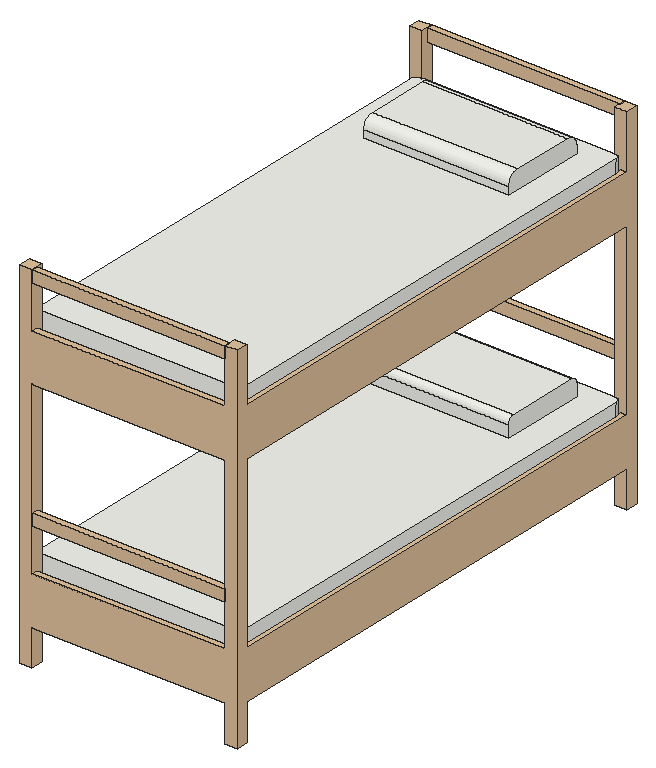
Revit family
Parameters (values of type "2100mm x 915mm x 1500mm")
  Cadre = Bois - Bouleau
  Hauteur = 1500 mm
  Longueur = 2100 mm
  Matelas = Textile - Blanc
  Largeur = 915 mm
Reference planes
  plane 1 "Centre (avant/arrière)": y = -390.993
  plane 2: z = 0
  plane 3 "Centre (gauche/droite)": x = 408.482
  plane 4: y = 659.007
  plane 5: y = -1440.993
  plane 6: x = 865.982
  plane 7: x = -49.018
  plane 8: z = 355.6
  plane 9: z = 1500
  plane 10: y = 523.407
  plane 11: y = 167.807
Forms (mm)
  Extrusion 1, solid, material "Bois - Bouleau" <- "Cadre"
    sketch origin (0, 0, 0) x (1, 0, 0) y (0, 1, 0)
      loop
        line (-49.018, 659.007) -> (-49.018, 608.207) -> (1.782, 608.207) -> (1.782, 659.007) -> (-49.018, 659.007)
      loop
        line (865.982, 659.007) -> (815.182, 659.007) -> (815.182, 608.207) -> (865.982, 608.207) -> (865.982, 659.007)
      loop
        line (-49.018, -1440.993) -> (1.782, -1440.993) -> (1.782, -1390.193) -> (-49.018, -1390.193) -> (-49.018, -1440.993)
      loop
        line (865.982, -1440.993) -> (865.982, -1390.193) -> (815.182, -1390.193) -> (815.182, -1440.993) -> (865.982, -1440.993)
    from 0 to 1500
  Extrusion 2, solid, material "Bois - Bouleau" <- "Cadre"
    sketch origin (0, 0, 0) x (1, 0, 0) y (0, 1, 0)
      loop
        line (-49.018, 659.007) -> (-49.018, -1440.993) -> (865.982, -1440.993) -> (865.982, 659.007) -> (-49.018, 659.007)
      loop
        line (-23.618, 633.607) -> (-23.618, -1415.593) -> (840.582, -1415.593) -> (840.582, 633.607) -> (-23.618, 633.607)
    from 152.4 to 355.6
  Extrusion 3, solid, material "Bois - Bouleau" <- "Cadre"
    sketch origin (0, 0, 0) x (1, 0, 0) y (0, 1, 0)
      loop
        line (-49.018, 659.007) -> (-49.018, -1440.993) -> (865.982, -1440.993) -> (865.982, 659.007) -> (-49.018, 659.007)
      loop
        line (-23.618, -1415.593) -> (840.582, -1415.593) -> (840.582, 633.607) -> (-23.618, 633.607) -> (-23.618, -1415.593)
    from 1068.2 to 1271.4
  Extrusion 4, solid, material "Textile - Blanc" <- "Matelas"
    sketch origin (0, 0, 0) x (1, 0, 0) y (0, 1, 0)
      loop
        arc (1.782, 608.207) -> (-16.179, 600.767) -> (-23.618, 582.807) r 25.4
        line (-23.618, 582.807) -> (-23.618, -1364.793)
        arc (-23.618, -1364.793) -> (-16.179, -1382.754) -> (1.782, -1390.193) r 25.4
        line (1.782, -1390.193) -> (815.182, -1390.193)
        arc (815.182, -1390.193) -> (833.142, -1382.754) -> (840.582, -1364.793) r 25.4
        line (840.582, -1364.793) -> (840.582, 582.807)
        arc (840.582, 582.807) -> (833.142, 600.767) -> (815.182, 608.207) r 25.4
        line (815.182, 608.207) -> (1.782, 608.207)
    from 203.2 to 406.4
  Extrusion 5, solid, material "Textile - Blanc" <- "Matelas"
    sketch origin (0, 0, 1271.4) x (1, 0, 0) y (0, 1, 0)
      loop
        arc (1.782, 608.207) -> (-16.179, 600.767) -> (-23.618, 582.807) r 25.4
        line (-23.618, 582.807) -> (-23.618, -1364.793)
        arc (-23.618, -1364.793) -> (-16.179, -1382.754) -> (1.782, -1390.193) r 25.4
        line (1.782, -1390.193) -> (815.182, -1390.193)
        arc (815.182, -1390.193) -> (833.142, -1382.754) -> (840.582, -1364.793) r 25.4
        line (840.582, -1364.793) -> (840.582, 582.807)
        arc (840.582, 582.807) -> (833.142, 600.767) -> (815.182, 608.207) r 25.4
        line (815.182, 608.207) -> (1.782, 608.207)
    from -152.4 to 50.8
  Extrusion 6, solid, material "Bois - Bouleau" <- "Cadre"
    sketch origin (0, 0, 1500) x (1, 0, 0) y (0, 1, 0)
      loop
        line (1.782, 659.007) -> (1.782, 633.607) -> (815.182, 633.607) -> (815.182, 659.007) -> (1.782, 659.007)
      loop
        line (1.782, -1440.993) -> (815.182, -1440.993) -> (815.182, -1415.593) -> (1.782, -1415.593) -> (1.782, -1440.993)
    from -50.8 to 0
  Extrusion 7, solid, material "Bois - Bouleau" <- "Cadre"
    sketch origin (0, 0, 355.6) x (0, -1, 0) y (1, 0, 0)
      loop
        line (1440.993, 1.782) -> (1440.993, 815.182) -> (1415.593, 815.182) -> (1415.593, 1.782) -> (1440.993, 1.782)
      loop
        line (-659.007, 1.782) -> (-633.607, 1.782) -> (-633.607, 815.182) -> (-659.007, 815.182) -> (-659.007, 1.782)
    from 177.8 to 228.6
  Sweep 8, solid, material "Textile - Blanc" <- "Matelas"
    path origin (0, 0, 0) x (1, 0, 0) y (0, 1, 0)
      loop
        line (103.382, 532.007) -> (713.582, 532.007)
    profile origin (408.482, 0, 0) x (0, 1, 0) y (0, 0, 1)
      loop
        line (176.407, 406.4) -> (532.007, 406.4) -> (532.007, 457.2)
        arc (532.007, 457.2) -> (524.567, 475.161) -> (506.607, 482.6) r 25.4
        line (506.607, 482.6) -> (201.807, 482.6)
        arc (201.807, 482.6) -> (183.846, 475.161) -> (176.407, 457.2) r 25.4
        line (176.407, 457.2) -> (176.407, 406.4)
      loop
        line (176.407, 1322.2) -> (532.007, 1322.2) -> (532.007, 1352.44)
        arc (532.007, 1352.44) -> (518.545, 1384.939) -> (486.047, 1398.4) r 45.96
        line (486.047, 1398.4) -> (222.367, 1398.4)
        arc (222.367, 1398.4) -> (189.868, 1384.939) -> (176.407, 1352.44) r 45.96
        line (176.407, 1352.44) -> (176.407, 1322.2)
Cuts and joins
  joined: Extrusion 1, Extrusion 2, Extrusion 3
Dimensions and locks
  equal spacing: plane 7, plane 3 "Centre (gauche/droite)", plane 6
  equal spacing: plane 5, plane 1 "Centre (avant/arrière)", plane 4
  "Largeur": plane 7 to plane 6
  "Longueur": plane 5 to plane 4
  "Hauteur": plane 2 to plane 9
  locked: Extrusion 5 to plane 9 at 177.8
  locked: Extrusion 3 to plane 9 at 228.6
  locked: Extrusion 3 to Extrusion 3 at 203.2
  locked: Extrusion 5 sketch curve to Extrusion 5 sketch curve at 25.4  (x2)
  locked: Sweep 8 sketch curve to Extrusion 4 at 76.2
  locked: Sweep 8 sketch curve to Sweep 8 sketch curve at 76.2
  locked: plane 10 to plane 4 at 135.6
  aligned and locked: Extrusion 1 to plane 9
  aligned and locked: Extrusion 4 to Sweep 8 sketch curve
  aligned and locked: Extrusion 5 to Sweep 8 sketch curve
Automatic sketch dimensions
  Extrusion 1 sketch curve to plane 5 = 0 mm  (x2)
  Extrusion 1 sketch curve to plane 7 = 0 mm  (x2)
  Extrusion 1 sketch curve to plane 4 = 0 mm  (x2)
  Extrusion 1 sketch curve to plane 6 = 0 mm  (x2)
  Extrusion 1 sketch curve to plane 7 = 50.8 mm
  Extrusion 1 sketch curve to Extrusion 1 sketch curve = 50.8 mm  (x7)
  Extrusion 2 sketch curve to plane 4 = 0 mm
  Extrusion 2 sketch curve to plane 7 = 0 mm
  Extrusion 2 sketch curve to plane 5 = 0 mm
  Extrusion 2 sketch curve to plane 6 = 0 mm
  Extrusion 2 sketch curve to Extrusion 2 sketch curve = 25.4 mm  (x2)
  Extrusion 2 sketch curve to plane 5 = 25.4 mm
  plane 4 to Extrusion 2 sketch curve = 25.4 mm
  Extrusion 3 sketch curve to plane 4 = 0 mm
  Extrusion 3 sketch curve to plane 7 = 0 mm
  Extrusion 3 sketch curve to plane 5 = 0 mm
  Extrusion 3 sketch curve to plane 6 = 0 mm
  Extrusion 3 sketch curve to Extrusion 3 sketch curve = 25.4 mm  (x2)
  Extrusion 3 sketch curve to plane 5 = 25.4 mm
  plane 4 to Extrusion 3 sketch curve = 25.4 mm
  Extrusion 4 sketch curve to plane 7 = 25.4 mm
  Extrusion 4 sketch curve to Extrusion 4 sketch curve = 25.4 mm  (x3)
  plane 6 to Extrusion 4 sketch curve = 50.8 mm  (x2)
  Extrusion 4 sketch curve to plane 5 = 50.8 mm
  plane 4 to Extrusion 4 sketch curve = 76.2 mm
  Extrusion 5 sketch curve to plane 7 = 25.4 mm
  Extrusion 5 sketch curve to Extrusion 5 sketch curve = 25.4 mm  (x2)
  Extrusion 5 sketch curve to plane 5 = 50.8 mm
  plane 6 to Extrusion 5 sketch curve = 50.8 mm
  plane 6 to Extrusion 5 sketch curve = 25.4 mm
  plane 4 to Extrusion 5 sketch curve = 76.2 mm
  Extrusion 6 sketch curve to plane 5 = 0 mm
  Extrusion 6 sketch curve to plane 4 = 0 mm
  Extrusion 6 sketch curve to plane 7 = 50.8 mm  (x2)
  plane 6 to Extrusion 6 sketch curve = 50.8 mm  (x2)
  plane 4 to Extrusion 6 sketch curve = 25.4 mm
  Extrusion 6 sketch curve to Extrusion 6 sketch curve = 25.4 mm
  Extrusion 7 sketch curve to plane 4 = 0 mm
  Extrusion 7 sketch curve to plane 5 = 0 mm
  plane 4 to Extrusion 7 sketch curve = 25.4 mm
  Extrusion 7 sketch curve to Extrusion 7 sketch curve = 25.4 mm
  Extrusion 7 sketch curve to plane 7 = 50.8 mm  (x2)
  plane 6 to Extrusion 7 sketch curve = 50.8 mm  (x2)
  Sweep 8 sketch curve to profile plane = 0 mm  (x2)
  profile plane to Sweep 8 sketch curve = 45.96 mm
  profile plane to Sweep 8 sketch curve = 25.4 mm
  Sweep 8 sketch curve to Sweep 8 sketch curve = 263.68 mm
  Sweep 8 sketch curve to Sweep 8 sketch curve = 304.8 mm
  Sweep 8 sketch curve to Sweep 8 sketch curve = 45.96 mm
  Sweep 8 sketch curve to Sweep 8 sketch curve = 25.4 mm
  plane 10 to Sweep 8 sketch curve = 8.6 mm
  Sweep 8 sketch curve to plane 7 = 152.4 mm
  plane 6 to Sweep 8 sketch curve = 152.4 mm
